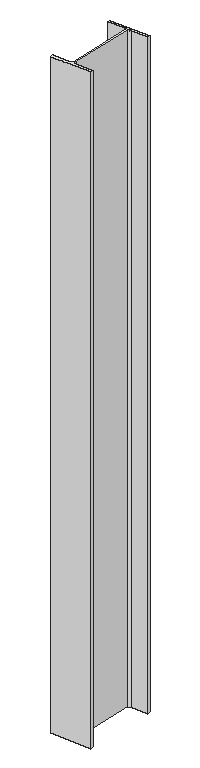
Revit family
Parameters (values of type "305x165x40UB")
  기둥 재료 [instance] = 금속 - 스틸 - 345 MPa
  Assembly Code = ""
  A = 0.005 m²
  Ix = 8503
  M = 40.3
  공칭 h = "305"
  Zx = 560
  b = 165 mm
  h = 303.4 mm
  r = 8.9 mm
  s = 6 mm
  t = 10.2 mm
Reference planes
  plane 1: y = 0
  plane 2: z = 0
  plane 3: x = 0
  plane 4: x = -82.5
  plane 5: x = 82.5
  plane 6: y = 151.7
  plane 7: y = -151.7
  plane 8: x = -3.969
  plane 9: x = 3.969
Forms (mm)
  Extrusion 1, solid, material "금속 - 스틸 - 345 MPa" <- "기둥 재료", detail levels medium
    sketch origin (0, 0, 0) x (1, 0, 0) y (0, 1, 0)
      loop
        line (-82.5, 151.7) -> (-82.5, 141.5) -> (-3, 141.5) -> (-3, -141.5) -> (-82.5, -141.5) -> (-82.5, -151.7) -> (82.5, -151.7) -> (82.5, -141.5) -> (3, -141.5) -> (3, 141.5) -> (82.5, 141.5) -> (82.5, 151.7) -> (-82.5, 151.7)
    from 0 to 2500
  Extrusion 2, solid, material "금속 - 스틸 - 345 MPa" <- "기둥 재료", detail levels fine
    sketch origin (0, 0, 0) x (1, 0, 0) y (0, 1, 0)
      loop
        line (-82.5, 151.7) -> (-82.5, 141.5) -> (-11.9, 141.5)
        arc (-11.9, 141.5) -> (-5.607, 138.893) -> (-3, 132.6) r 8.9
        line (-3, 132.6) -> (-3, -132.6)
        arc (-3, -132.6) -> (-5.607, -138.893) -> (-11.9, -141.5) r 8.9
        line (-11.9, -141.5) -> (-82.5, -141.5) -> (-82.5, -151.7) -> (82.5, -151.7) -> (82.5, -141.5) -> (11.9, -141.5)
        arc (11.9, -141.5) -> (5.607, -138.893) -> (3, -132.6) r 8.9
        line (3, -132.6) -> (3, 132.6)
        arc (3, 132.6) -> (5.607, 138.893) -> (11.9, 141.5) r 8.9
        line (11.9, 141.5) -> (82.5, 141.5) -> (82.5, 151.7) -> (-82.5, 151.7)
    from 0 to 2500
Lines and regions (mm)
  symbolic lines, style "StructuralColumnStickSymbols", detail levels coarse
    curve 1: line (-82.5, 151.7, 0) -> (82.5, 151.7, 0)
    curve 2: line (-82.5, -151.7, 0) -> (82.5, -151.7, 0)
    curve 3: line (0, 151.7, 0) -> (0, -151.7, 0)
  symbolic lines, style "숨겨진 면", detail levels medium+fine
    curve 4: line (-3.969, 0, 0) -> (-3.969, 0, 2500)
    curve 5: line (3.969, 0, 2500) -> (3.969, 0, 0)
Dimensions and locks
  equal spacing: plane 4, plane 3, plane 5
  equal spacing: plane 7, plane 1, plane 6
  "h": plane 7 to plane 6
  "b": plane 4 to plane 5
  "t": plane 7 to Extrusion 1 sketch curve
  "t": Extrusion 1 sketch curve to plane 6
  equal spacing: Extrusion 1 sketch curve, plane 3, Extrusion 1 sketch curve
  "s": Extrusion 1 sketch curve to Extrusion 1 sketch curve
  "r": radius of Extrusion 2 sketch curve  (x4)
  aligned and locked: plane 6 to Extrusion 1 sketch curve
  aligned and locked: Extrusion 1 sketch curve to plane 7
  aligned and locked: Extrusion 1 sketch curve to plane 4  (x2)
  aligned and locked: plane 5 to Extrusion 1 sketch curve  (x2)
  aligned and locked: Extrusion 1 sketch curve to Extrusion 1 sketch curve  (x2)
  aligned and locked: level to Extrusion 1
  aligned and locked: level to plane 2
  aligned and locked: Extrusion 1 to plane 2
  aligned and locked: plane 6 to Extrusion 2 sketch curve
  aligned and locked: plane 5 to Extrusion 2 sketch curve  (x2)
  aligned and locked: Extrusion 2 sketch curve to plane 4  (x2)
  aligned and locked: Extrusion 2 sketch curve to Extrusion 1  (x6)
  aligned and locked: Extrusion 2 sketch curve to plane 7
  aligned and locked: level to Extrusion 2
  aligned and locked: Extrusion 2 to level
Automatic sketch dimensions
  curve 2 to plane 4 = 0 mm
  curve 1 to plane 4 = 0 mm
  curve 3 to plane 3 = 0 mm
  curve 2 to plane 5 = 0 mm
  curve 1 to plane 5 = 0 mm
  curve 3 to plane 7 = 0 mm
  curve 3 to plane 6 = 0 mm
  curve 4 to level = 0 mm  (x2)
  curve 4 to plane 8 = 0 mm
  curve 5 to level = 0 mm  (x2)
  curve 5 to plane 9 = 0 mm
